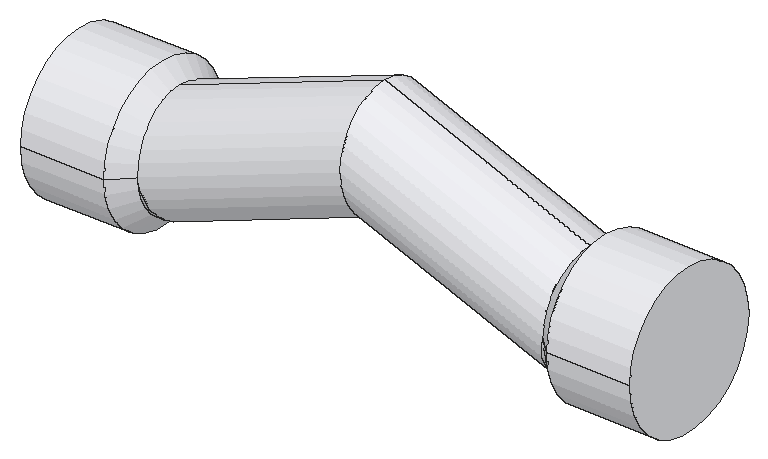
Revit family "PF_Соединение [фитинг полипропиленовый - обвод длинный с муфтами VTp.776.L]1 - VALTEC", category Соединительные детали трубопроводов, Revit 2019
Family settings
  Размер круглого соединителя = Использовать диаметр
  Тип детали = Соединение
  На основе рабочей плоскости = Нет
  Всегда вертикально = Да
  При загрузке вырезать с полостями = Нет
  Общий = Нет
Parameters (values of type "VTp.776.L")
  Таблица = "PF_Соединение [фитинг полипропиленовый - обвод длинный с муфтами VTp.776.L] - VALTEC"  # constant formula
  built-in parameter 1114238 [instance] = (empty or 0)
  Manufacturer = ""
  l [instance] = d / 2  # 10 mm
  dn [instance] = size_lookup(Таблица, "dn", 0 mm, d)  # 26.8 mm
  dt [instance] = size_lookup(Таблица, "dt", 0 mm, d)  # 3.4 mm
  d [instance] = 20 mm
  b [instance] = size_lookup(Таблица, "b", 0 mm, d)  # 15 mm
  URL = "https://valtec.ru/"
  H [instance] = size_lookup(Таблица, "H", 0 mm, d)  # 37 mm
  ADSK_Примечание [instance] = ""
  ADSK_Позиция [instance] = ""
  ADSK_Обозначение [instance] = "VTp.776.L"  # constant formula
  ADSK_Наименование [instance] = size_lookup(Таблица, "", "Данный типоразмер отсутствует", d)  # "Обвод полипропиленовый с муфтами (длинный), 20 мм"
  ADSK_Материал = Пластик белый - VALTEC
  ADSK_Масса [instance] = 0
  ADSK_Марка [instance] = size_lookup(Таблица, "Маркировка", "Данный типоразмер отсутствует", d)  # "20"
  ADSK_Код изделия [instance] = size_lookup(Таблица, "Код продукта", "Данный типоразмер отсутствует", d)  # "VTp.776.L.020"
  ADSK_Завод-изготовитель [instance] = "VALTEC"  # constant formula
  ADSK_Единица измерения [instance] = "шт."  # constant formula
  ADSK_URL страницы изделия = "https://valtec.ru/catalog/sistemy_polipropilenovyh_truboprovodov/polipropilenovye_fitingi/obvod_polipropilenovyj_s_muftami_dlinnyj_vtp776l.html"
  ADSK_URL документации изделия = "https://valtec.ru/document/technical/VTp.700-fitingi-0419.pdf"
  A [instance] = size_lookup(Таблица, "A", 0 mm, d)  # 110 mm
Reference planes
  plane 1 "По центру (Вперед/Назад)": y = 0
  plane 2: z = 0
  plane 3 "По центру (Влево/Вправо)": x = 0
  plane 4: x = -55
  plane 5: x = 55
  plane 6: x = -40
  plane 7: x = -36.6
  plane 8: x = 40
  plane 9: x = 36.6
  plane 10: z = 23.6
  plane 11: z = 13.6
  plane 12: z = 13.4
  plane 13: z = -13.4
Forms (mm)
  Sweep 1, solid, material "Пластик белый - VALTEC" <- "ADSK_Материал", detail levels medium+fine
    path origin (0, 0, 0) x (1, 0, 0) y (0, 0, 1)
      loop
        line (-55, 0) -> (-36.6, 0) -> (0, 13.6) -> (36.6, 0) -> (55, 0)
    profile origin (-45.8, 0, 0) x (0, 0, -1) y (0, -1, 0)
      loop
        circle (0, 0) r 10
  Extrusion 2, solid, material "Пластик белый - VALTEC" <- "ADSK_Материал", detail levels medium+fine
    sketch origin (0, 0, 0) x (0, 1, 0) y (0, 0, 1)
      loop
        circle (0, 0) r 13.4
    from -55 to -40
  Extrusion 3, solid, material "Пластик белый - VALTEC" <- "ADSK_Материал", detail levels medium+fine
    sketch origin (0, 0, 0) x (0, 1, 0) y (0, 0, 1)
      loop
        circle (0, 0) r 13.4
    from 40 to 55
  Blend 4, solid, material "Пластик белый - VALTEC" <- "ADSK_Материал", detail levels medium+fine
    base sketch origin (0, 0, 0) x (0, 1, 0) y (0, 0, 1)
      loop
        circle (0, 0) r 13.4
    top sketch origin (0, 0, 0) x (0, 1, 0) y (0, 0, 1)
      loop
        circle (0, 0) r 10
    from -40 to -36.6
  Blend 5, solid, material "Пластик белый - VALTEC" <- "ADSK_Материал", detail levels medium+fine
    base sketch origin (0, 0, 0) x (0, 1, 0) y (0, 0, -1)
      loop
        circle (0, 0) r 13.4
    top sketch origin (0, 0, 0) x (0, 1, 0) y (0, 0, -1)
      loop
        circle (0, 0) r 10
    from -40 to -36.6
Cuts and joins
  joined: Sweep 1, Extrusion 2, Extrusion 3, Blend 4, Blend 5
Lines and regions (mm)
  model lines, detail levels coarse
    curve 1: line (-55, 0, 0) -> (-36.6, 0, 0)
    curve 2: line (55, 0, 0) -> (36.6, 0, 0)
    curve 3: line (-36.6, 0, 0) -> (0, 0, 13.6)
    curve 4: line (0, 0, 13.6) -> (36.6, 0, 0)
Dimensions and locks
  equal spacing: plane 4, plane 3 "По центру (Влево/Вправо)", plane 5
  "A": plane 4 to plane 5
  "b": plane 4 to plane 6
  "dt": plane 6 to plane 7
  "b": plane 5 to plane 8
  "dt": plane 8 to plane 9
  "l": plane 10 to plane 11
  equal spacing: plane 12, plane 2, plane 13
  "dn": plane 12 to plane 13
  "H": plane 10 to plane 13
  "d": diameter of Sweep 1 sketch curve
  "dn": diameter of Extrusion 2 sketch curve
  "dn": diameter of Extrusion 3 sketch curve
  "dn": diameter of Blend 4 sketch curve
  "d": diameter of Blend 4 sketch curve
  "dn": diameter of Blend 5 sketch curve
  "d": diameter of Blend 5 sketch curve
  aligned and locked: level to plane 2
  aligned and locked: plane 7 to Sweep 1 sketch curve
  aligned and locked: plane 2 to Sweep 1 sketch curve  (x2)
  aligned and locked: plane 4 to Sweep 1 sketch curve
  aligned and locked: plane 11 to Sweep 1 sketch curve
  aligned and locked: plane 3 "По центру (Влево/Вправо)" to Sweep 1 sketch curve
  aligned and locked: plane 9 to Sweep 1 sketch curve
  aligned and locked: plane 5 to Sweep 1 sketch curve
  aligned and locked: Sweep 1 sketch curve to plane 2
  aligned and locked: plane 1 "По центру (Вперед/Назад)" to Sweep 1 sketch curve
  aligned and locked: plane 2 to Extrusion 2 sketch curve
  aligned and locked: plane 1 "По центру (Вперед/Назад)" to Extrusion 2 sketch curve
  aligned and locked: plane 2 to Extrusion 3 sketch curve
  aligned and locked: plane 1 "По центру (Вперед/Назад)" to Extrusion 3 sketch curve
  aligned and locked: plane 6 to Extrusion 2
  aligned and locked: Extrusion 2 to plane 4
  aligned and locked: plane 8 to Extrusion 3
  aligned and locked: Extrusion 3 to plane 5
  aligned and locked: plane 2 to Blend 4 sketch curve  (x2)
  aligned and locked: plane 1 "По центру (Вперед/Назад)" to Blend 4 sketch curve  (x2)
  aligned and locked: plane 2 to Blend 5 sketch curve
  aligned and locked: plane 1 "По центру (Вперед/Назад)" to Blend 5 sketch curve
  aligned and locked: plane 7 to Blend 4
  aligned and locked: plane 9 to Blend 5
  aligned and locked: Blend 5 to plane 8
  aligned and locked: plane 2 to curve 4
  aligned and locked: plane 2 to curve 3
  aligned and locked: plane 3 "По центру (Влево/Вправо)" to curve 4
  aligned and locked: plane 9 to curve 2
  aligned and locked: plane 5 to curve 2
  aligned and locked: plane 2 to curve 2
  aligned and locked: plane 7 to curve 1
  aligned and locked: plane 4 to curve 1
  aligned and locked: curve 1 to plane 2
  aligned and locked: plane 11 to curve 4
  aligned and locked: plane 7 to cut or joined group of Sweep 1, Extrusion 2, Extrusion 3, Blend 4, Blend 5
  aligned and locked: cut or joined group of Sweep 1, Extrusion 2, Extrusion 3, Blend 4, Blend 5 to plane 6
Automatic sketch dimensions
  Blend 5 sketch curve to level = 0 mm
  Blend 5 sketch curve to plane 1 "По центру (Вперед/Назад)" = 0 mm
Connectors
  piping at (-55, 0, 0), diameter 20, driven by "d"
    settings: on cut or joined group of Sweep 1, Extrusion 2, Extrusion 3, Blend 4, Blend 5, index 1, connector inside diameter 609.6 mm, connector length 0 mm, flow factor 0, pipe flow 0.0 L/s, pressure drop 0.0 Pa, fitting loss kfactor 0, connector angle 0.00°, fixture units 0, engagement length 0 mm, angle of deflection 0.00°, flow configuration 0, flow direction 0, fitting loss method 0, system type 28, joint type 0, gender type 0, connector reference index 2, connector utility 0, adjustable connector no, is connector primary yes, connector description ""
  piping at (55, 0, 0), diameter 20, driven by "d"
    settings: on cut or joined group of Sweep 1, Extrusion 2, Extrusion 3, Blend 4, Blend 5, index 2, connector inside diameter 609.6 mm, connector length 0 mm, flow factor 0, pipe flow 0.0 L/s, pressure drop 0.0 Pa, fitting loss kfactor 0, connector angle 0.00°, fixture units 0, engagement length 0 mm, angle of deflection 0.00°, flow configuration 0, flow direction 0, fitting loss method 0, system type 28, joint type 0, gender type 0, connector reference index 1, connector utility 0, adjustable connector no, is connector primary no, connector description ""
